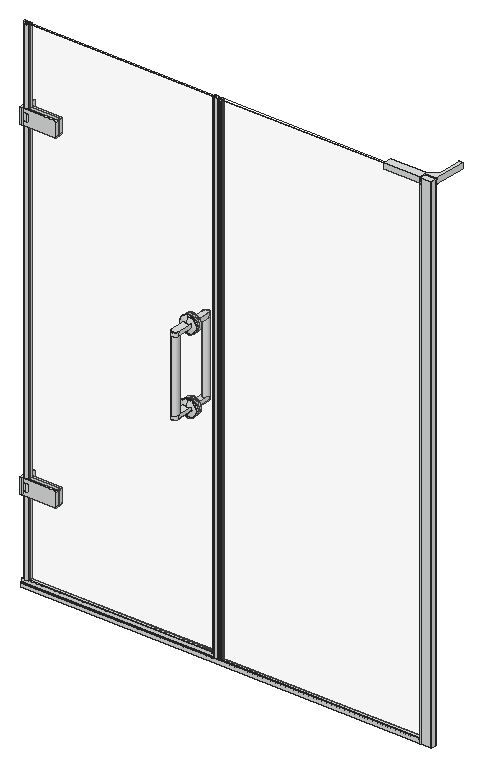
Revit family "Shower-Shower_Door-KOHLER-Components-K-27617_1", category Specialty Equipment, host Face, Revit 2017 (continued)
Definition of nested family "K-27617"
  Dimensions and locks (in)
    locked: plane 5 to cut or joined group 1 (Extrusion 2, Extrusion 5, Extrusion 7, Extrusion 9, Extrusion 10, Extrusion 11, Extrusion 12, Extrusion 13, Extrusion 18) at 0.49213
    locked: plane 5 to cut or joined group 1 at 0.44213
    locked: plane 5 to plane 19 at 0.98388
    locked: plane 5 to plane 20 at 0.94563
    locked: plane 5 to plane 21 at 0.44213
    locked: plane 5 to plane 22 at 0.49213
    locked: plane 5 to curve 162 at 1.24017
    locked: plane 5 to curve 173 at 1.24017
    locked: plane 5 to Extrusion 20 sketch curve at 5.15274
    plane 6 to plane 5 = 58"
    locked: plane 6 to plane 3 "Center (Left/Right)" at 23.05758
    "A": plane 5 to plane 6
    plane 23 "X" to plane 6 = 34 45/128"
    plane 4 to plane 26 = 7 13/16"
    plane 11 to level = 42 1/16"
    plane 27 to plane 6 = 30 13/16"
    plane 31 to plane 13 = 5 7/16"
    aligned and locked: plane 2 to level
    aligned and locked: cut or joined group of Extrusion 3, Extrusion 4, Extrusion 6, Extrusion 8, Extrusion 20 to plane 5  (x3)
    aligned and locked: plane 14 to cut or joined group of Extrusion 3, Extrusion 4, Extrusion 6, Extrusion 8, Extrusion 20  (x2)
    aligned and locked: plane 15 to cut or joined group of Extrusion 3, Extrusion 4, Extrusion 6, Extrusion 8, Extrusion 20
    aligned and locked: cut or joined group of Extrusion 3, Extrusion 4, Extrusion 6, Extrusion 8, Extrusion 20 to plane 14  (x2)
    aligned and locked: cut or joined group 1 to plane 14
    aligned and locked: Extrusion 17 to plane 15
    aligned and locked: Extrusion 17 to plane 14  (x2)
    aligned and locked: cut or joined group 1 to plane 5
    aligned and locked: Extrusion 19 to plane 14
    aligned and locked: plane 20 to cut or joined group 1
    aligned and locked: cut or joined group 1 to plane 19  (x2)
    aligned and locked: cut or joined group 1 to plane 20
    aligned and locked: Extrusion 1 to Extrusion 14
  Automatic sketch dimensions
    curve 122 to plane 13 = 0"
    curve 91 to plane 13 = 0"
    curve 84 to plane 13 = 0"
    curve 131 to level = 0"
    curve 131 to plane 7 = 0"
    curve 132 to level = 0"
    curve 132 to plane 7 = 0"
    curve 89 to plane 10 = 0"
    curve 133 to plane 10 = 0"
    curve 114 to plane 7 = 0"
    curve 96 to plane 7 = 0"
    plane 11 to curve 140 = 0"
    curve 90 to plane 7 = 0"
    curve 89 to plane 7 = 0"
    plane 25 to curve 128 = 0.0336"
    plane 1 "Center (Front/Back)" to curve 128 = 0.16426"
    plane 1 "Center (Front/Back)" to curve 125 = 0.16426"
    plane 1 "Center (Front/Back)" to curve 118 = 0.13285"
    curve 117 to plane 1 "Center (Front/Back)" = 0.09125"
    curve 130 to plane 25 = 0.0914"
    curve 130 to plane 1 "Center (Front/Back)" = 0.19263"
    curve 123 to plane 1 "Center (Front/Back)" = 0.19263"
    plane 12 to curve 107 = 0.30166"
    curve 107 to plane 12 = 0.03746"
    curve 100 to plane 7 = 0.30808"
    curve 100 to plane 4 = 0.89033"
    curve 102 to curve 103 = 0.31756"
    plane 8 to curve 124 = 6.04461"
    curve 124 to curve 126 = 1/8"
    curve 116 to plane 7 = 5.11858"
    curve 116 to curve 117 = 0.13821"
    curve 101 to curve 100 = 1/4"
    curve 107 to plane 7 = 0.54191"
    curve 107 to curve 108 = 1/8"
    curve 92 to plane 13 = 0.06491"
    curve 85 to curve 84 = 0.06491"
    plane 9 to curve 131 = 0.01297"
    plane 10 to curve 132 = 0.03956"
    curve 134 to curve 114 = 0.05284"
    curve 114 to curve 96 = 0.04359"
    curve 93 to curve 95 = 0.14683"
    curve 86 to curve 88 = 0.14683"
    curve 121 to plane 10 = 0.21466"
    curve 141 to plane 10 = 0.21466"
    curve 88 to curve 139 = 0.06783"
    curve 96 to curve 119 = 0.11823"
    curve 95 to curve 120 = 0.06783"
    curve 140 to plane 11 = 0.11817"
    curve 140 to plane 10 = 0.25441"
    curve 119 to curve 134 = 0.03975"
    curve 121 to curve 87 = 0.03975"
    curve 120 to curve 94 = 0.03977"
    curve 119 to curve 93 = 0.57224"
    curve 139 to curve 86 = 0.57224"
    curve 112 to plane 7 = 0.1201"
    curve 112 to curve 109 = 0.32269"
    curve 104 to plane 12 = 0.37565"
    curve 111 to plane 7 = 0.10663"
    curve 111 to curve 100 = 0.21983"
    curve 97 to plane 7 = 0.03436"
    curve 97 to plane 4 = 1/4"
    plane 8 to curve 133 = 0.12922"
    curve 133 to curve 89 = 0.24243"
    curve 89 to curve 121 = 0.00094"
    curve 89 to curve 133 = 0.0584"
    curve 123 to curve 87 = 4.85973"
    curve 87 to curve 84 = 0.00344"
    curve 85 to curve 84 = 0"  (x2)
    curve 85 to curve 85 = 2.16501"
    curve 84 to curve 86 = 0.00035"
    curve 122 to plane 28 = 2.3228"
    curve 139 to plane 28 = 0.29996"
    plane 28 to curve 141 = 0.26341"
    plane 28 to curve 122 = 1.6772"
    curve 141 to plane 24 = 0.26341"
    plane 11 to curve 120 = 0.2152"
    curve 91 to curve 116 = 7.94017"
    curve 91 to curve 94 = 0"
    curve 91 to curve 92 = 0.00344"
    curve 92 to curve 92 = 2.16535"
    curve 92 to curve 93 = 0"
    curve 92 to curve 91 = 0.01915"
    curve 96 to curve 112 = 0.63974"
    curve 90 to curve 103 = 0.20177"
    curve 104 to curve 107 = 0.19175"
    curve 99 to curve 110 = 0.04089"
    curve 96 to curve 113 = 0.06744"
    curve 199 to curve 200 = 0"  (x2)
    curve 201 to curve 202 = 0"  (x2)
    curve 167 to plane 5 = 0"
    curve 159 to plane 5 = 0"
    curve 67 to plane 5 = 0"
    curve 170 to plane 5 = 0"
    curve 68 to plane 5 = 0"
    curve 156 to plane 5 = 0"
    curve 161 to plane 14 = 0"
    curve 172 to plane 14 = 0"
    plane 21 to curve 178 = 0"
    plane 21 to curve 179 = 0"
    curve 180 to plane 8 = 0"
    plane 21 to curve 180 = 0"
    plane 19 to curve 135 = 0"
    plane 19 to curve 181 = 0"
    plane 19 to curve 182 = 0"
    plane 15 to curve 169 = 0"
    curve 157 to plane 15 = 0"
    curve 138 to plane 28 = 0"
    curve 203 to plane 24 = 0"
    curve 202 to plane 23 "X" = 0"
    curve 199 to plane 23 "X" = 0"
    curve 69 to plane 8 = 0"
    curve 79 to plane 7 = 0"
    curve 77 to plane 7 = 0"
    curve 75 to plane 7 = 0"
    curve 75 to level = 0"
    curve 82 to plane 7 = 0"
    plane 6 to curve 80 = 0"
    plane 6 to curve 81 = 0"
    curve 199 to plane 24 = 0"
    curve 175 to curve 173 = 0.02685"
    curve 165 to curve 162 = 0.02685"
    curve 163 to curve 166 = 0.01966"
    curve 177 to curve 173 = 0.01966"
    curve 170 to plane 15 = 0.19715"
    curve 159 to plane 15 = 0.19715"
    curve 158 to curve 157 = 0.19541"
    curve 167 to plane 15 = 0.19541"
    curve 138 to plane 23 "X" = 0.47037"
    plane 23 "X" to curve 204 = 0.47037"
    curve 78 to plane 7 = 0.75984"
    plane 6 to curve 78 = 6.7126"
    plane 8 to curve 170 = 11.15399"
    curve 181 to curve 174 = 0.58071"
    curve 177 to curve 176 = 0.95743"
    curve 171 to curve 169 = 1.77279"
    curve 201 to plane 28 = 0.05118"
    curve 159 to plane 7 = 13.05532"
    curve 182 to curve 163 = 0.58071"
    curve 166 to curve 165 = 0.95743"
    curve 160 to curve 158 = 1.77279"
    curve 72 to plane 27 = 0.23477"
    curve 74 to plane 8 = 0.10539"
    plane 27 to curve 74 = 0.34576"
    curve 74 to curve 73 = 0.14354"
    curve 73 to curve 70 = 0.05067"
    curve 71 to plane 7 = 0.24157"
    curve 70 to curve 71 = 0.52371"
    plane 6 to curve 76 = 1.70508"
    curve 76 to curve 77 = 0.12396"
    curve 77 to curve 80 = 0.00631"
    level to curve 82 = 0.00051"
    curve 75 to curve 82 = 0.02444"
    plane 8 to curve 66 = 0.15896"
    curve 66 to curve 83 = 0.32901"
    curve 201 to curve 201 = 1.18257"
    curve 200 to curve 137 = 1.085"
    curve 135 to plane 7 = 0.36646"
    curve 136 to plane 7 = 0.36646"
    curve 70 to plane 7 = 0.24157"
    curve 178 to plane 7 = 0.24157"
    curve 135 to curve 183 = 0.12489"
    curve 73 to curve 70 = 0"
    curve 74 to curve 73 = 0"
    curve 135 to curve 72 = 0.12493"
    curve 81 to plane 7 = 0.05824"
    curve 81 to curve 80 = 0.01166"
    Extrusion 1 sketch curve to plane 27 = 0.06"
    Extrusion 1 sketch curve to plane 27 = 0.05835"
    plane 27 to Extrusion 1 sketch curve = 0"
    plane 1 "Center (Front/Back)" to Extrusion 1 sketch curve = 0.07666"
    plane 27 to Extrusion 1 sketch curve = 0.82677"
    Extrusion 1 sketch curve to Extrusion 1 sketch curve = 0.062"  (x3)
    plane 10 to Extrusion 1 sketch curve = 0.17916"
    plane 6 to Extrusion 1 sketch curve = 1.5748"
    plane 1 "Center (Front/Back)" to Extrusion 1 sketch curve = 0.12603"
    plane 1 "Center (Front/Back)" to Extrusion 1 sketch curve = 0.13866"
    Extrusion 1 sketch curve to Extrusion 1 sketch curve = 0.06"
    Extrusion 1 sketch curve to plane 1 "Center (Front/Back)" = 0.13447"
    Extrusion 1 sketch curve to Extrusion 1 sketch curve = 0.05835"
    Extrusion 2 sketch curve to plane 5 = 0"
    Extrusion 2 sketch curve to plane 17 = 0"  (x2)
    Extrusion 2 sketch curve to plane 16 = 0"  (x2)
    Extrusion 2 sketch curve to plane 21 = 0.02311"
    Extrusion 2 sketch curve to plane 22 = 1/32"  (x2)
    plane 9 to Extrusion 2 sketch curve = 0.07891"
    Extrusion 2 sketch curve to Extrusion 2 sketch curve = 0.04681"
    Extrusion 2 sketch curve to Extrusion 2 sketch curve = 0.04145"
    Extrusion 2 sketch curve to plane 1 "Center (Front/Back)" = 0.19282"
    Extrusion 2 sketch curve to plane 1 "Center (Front/Back)" = 0.19623"
    Extrusion 2 sketch curve to Extrusion 2 sketch curve = 0.02023"
    Extrusion 2 sketch curve to Extrusion 2 sketch curve = 0.03698"
    Extrusion 3 sketch curve to plane 13 = 0.10639"
    plane 12 to Extrusion 3 sketch curve = 0.64596"
    plane 12 to Extrusion 3 sketch curve = 0.64549"
    Extrusion 3 sketch curve to Extrusion 3 sketch curve = 25/128"
    Extrusion 3 sketch curve to plane 7 = 13.05532"
    Extrusion 3 sketch curve to Extrusion 3 sketch curve = 1.77519"
    Extrusion 4 sketch curve to plane 14 = 0"  (x2)
    Extrusion 4 sketch curve to plane 15 = 0"
    Extrusion 4 sketch curve to plane 19 = 0.23416"
    Extrusion 4 sketch curve to plane 19 = 0.23504"
    Extrusion 4 sketch curve to Extrusion 4 sketch curve = 0.02124"
    Extrusion 4 sketch curve to Extrusion 4 sketch curve = 25/128"  (x2)
    Extrusion 4 sketch curve to plane 7 = 13.06658"
    Extrusion 4 sketch curve to Extrusion 4 sketch curve = 0.58071"
    Extrusion 4 sketch curve to Extrusion 4 sketch curve = 0.96057"
    Extrusion 4 sketch curve to Extrusion 4 sketch curve = 1.77438"
    Extrusion 5 sketch curve to plane 14 = 0"
    Extrusion 5 sketch curve to plane 13 = 0.06491"
    Extrusion 5 sketch curve to plane 20 = 0.09988"
    Extrusion 6 sketch curve to plane 13 = 0.10639"
    plane 12 to Extrusion 6 sketch curve = 0.64596"
    plane 12 to Extrusion 6 sketch curve = 0.64549"
    Extrusion 6 sketch curve to Extrusion 6 sketch curve = 25/128"
    plane 8 to Extrusion 6 sketch curve = 11.15434"
    Extrusion 6 sketch curve to Extrusion 6 sketch curve = 1.77485"
    Extrusion 7 sketch curve to level = 0"  (x2)
    plane 9 to Extrusion 7 sketch curve = 0.03917"
    Extrusion 7 sketch curve to Extrusion 7 sketch curve = 0.01963"
    Extrusion 7 sketch curve to Extrusion 7 sketch curve = 0.04724"
    Extrusion 7 sketch curve to Extrusion 7 sketch curve = 0.02019"
    level to Extrusion 7 sketch curve = 0.05772"
    plane 10 to Extrusion 7 sketch curve = 0.16888"
    Extrusion 7 sketch curve to Extrusion 7 sketch curve = 0.02102"
    plane 10 to Extrusion 7 sketch curve = 0.12269"
    Extrusion 7 sketch curve to Extrusion 7 sketch curve = 0.02207"
    Extrusion 7 sketch curve to plane 8 = 0.12746"
    plane 9 to Extrusion 8 sketch curve = 0.03917"
    Extrusion 8 sketch curve to Extrusion 8 sketch curve = 0.02117"
    Extrusion 8 sketch curve to Extrusion 8 sketch curve = 0.02165"
    Extrusion 8 sketch curve to plane 8 = 0.0016"
    Extrusion 8 sketch curve to Extrusion 8 sketch curve = 0.00226"
    Extrusion 8 sketch curve to plane 8 = 0.00511"
    Extrusion 8 sketch curve to Extrusion 8 sketch curve = 0.03336"
    plane 9 to Extrusion 8 sketch curve = 0.12855"
    Extrusion 8 sketch curve to Extrusion 8 sketch curve = 0.02189"
    plane 10 to Extrusion 8 sketch curve = 0.19198"
    Extrusion 8 sketch curve to Extrusion 8 sketch curve = 0.01282"
    Extrusion 8 sketch curve to Extrusion 8 sketch curve = 0.02207"
    Extrusion 8 sketch curve to Extrusion 8 sketch curve = 0.01733"
    Extrusion 8 sketch curve to plane 10 = 0.26508"
    Extrusion 8 sketch curve to Extrusion 8 sketch curve = 0.00507"
    Extrusion 8 sketch curve to Extrusion 8 sketch curve = 0.00541"
    Extrusion 8 sketch curve to Extrusion 8 sketch curve = 0.06108"
    plane 8 to Extrusion 8 sketch curve = 0.15896"
    Extrusion 8 sketch curve to Extrusion 8 sketch curve = 0.01492"
    plane 8 to Extrusion 8 sketch curve = 0.31005"
    Extrusion 8 sketch curve to Extrusion 8 sketch curve = 0.03844"
    Extrusion 8 sketch curve to Extrusion 8 sketch curve = 0.11736"
    Extrusion 8 sketch curve to Extrusion 8 sketch curve = 0.00019"
    Extrusion 8 sketch curve to Extrusion 8 sketch curve = 0.0015"
    Extrusion 9 sketch curve to plane 13 = 0"
    plane 10 to Extrusion 9 sketch curve = 0"
    Extrusion 9 sketch curve to plane 6 = 0"
    plane 6 to Extrusion 9 sketch curve = 3/128"  (x2)
    plane 10 to Extrusion 9 sketch curve = 0.02444"
    Extrusion 9 sketch curve to Extrusion 9 sketch curve = 1.52693"
    Extrusion 9 sketch curve to Extrusion 9 sketch curve = 3/128"
    Extrusion 9 sketch curve to Extrusion 9 sketch curve = 0"
    Extrusion 9 sketch curve to Extrusion 9 sketch curve = 0.02027"
    plane 9 to Extrusion 9 sketch curve = 0.11448"
    Extrusion 9 sketch curve to Extrusion 9 sketch curve = 0.03079"
    plane 1 "Center (Front/Back)" to Extrusion 9 sketch curve = 0.13866"
    Extrusion 9 sketch curve to Extrusion 9 sketch curve = 0.07921"
    Extrusion 9 sketch curve to Extrusion 9 sketch curve = 0.00926"
    Extrusion 10 sketch curve to plane 13 = 0"
    plane 10 to Extrusion 10 sketch curve = 0"
    Extrusion 10 sketch curve to plane 6 = 0"
    plane 6 to Extrusion 10 sketch curve = 3/128"
    Extrusion 10 sketch curve to plane 9 = 0.02007"
    Extrusion 10 sketch curve to Extrusion 10 sketch curve = 1.52693"
    Extrusion 10 sketch curve to Extrusion 10 sketch curve = 0.001"
    Extrusion 10 sketch curve to Extrusion 10 sketch curve = 0.02444"
    Extrusion 11 sketch curve to plane 9 = 0"
    Extrusion 11 sketch curve to plane 4 = 0"
    Extrusion 11 sketch curve to plane 6 = 0"
    Extrusion 11 sketch curve to Extrusion 11 sketch curve = 0.07843"
    Extrusion 11 sketch curve to plane 4 = 0.02159"
    plane 6 to Extrusion 11 sketch curve = 0.45479"
    plane 9 to Extrusion 11 sketch curve = 0.02369"
    plane 6 to Extrusion 11 sketch curve = 1.58111"
    Extrusion 11 sketch curve to Extrusion 11 sketch curve = 0.39526"
    plane 9 to Extrusion 11 sketch curve = 0.02268"
    Extrusion 11 sketch curve to Extrusion 11 sketch curve = 4.71354"
    Extrusion 11 sketch curve to Extrusion 11 sketch curve = 0.02214"
    Extrusion 11 sketch curve to plane 10 = 0.09643"
    Extrusion 11 sketch curve to plane 10 = 0.41287"
    plane 1 "Center (Front/Back)" to Extrusion 12 sketch curve = 0.13866"
    Extrusion 12 sketch curve to Extrusion 12 sketch curve = 0.02395"  (x2)
    plane 10 to Extrusion 12 sketch curve = 13/64"
    plane 10 to Extrusion 12 sketch curve = 0.17916"
    Extrusion 12 sketch curve to plane 7 = 0.77361"
    Extrusion 12 sketch curve to plane 7 = 0.26553"  (x2)
    Extrusion 13 sketch curve to plane 27 = 0.23477"
    Extrusion 13 sketch curve to plane 27 = 0.23432"
    Extrusion 13 sketch curve to Extrusion 13 sketch curve = 0.05257"
    Extrusion 13 sketch curve to Extrusion 13 sketch curve = 0.05306"
    Extrusion 13 sketch curve to Extrusion 13 sketch curve = 0.007"
    Extrusion 13 sketch curve to Extrusion 13 sketch curve = 0.02419"
    Extrusion 13 sketch curve to Extrusion 13 sketch curve = 0.02214"
    Extrusion 13 sketch curve to Extrusion 13 sketch curve = 0.04726"
    Extrusion 13 sketch curve to plane 27 = 0.02447"
    Extrusion 13 sketch curve to plane 27 = 0.02354"
    Extrusion 13 sketch curve to plane 27 = 0.02278"
    plane 27 to Extrusion 13 sketch curve = 0"
    plane 27 to Extrusion 13 sketch curve = 0.03212"
    plane 27 to Extrusion 13 sketch curve = 0.0539"
    plane 27 to Extrusion 13 sketch curve = 0.07946"
    Extrusion 13 sketch curve to Extrusion 13 sketch curve = 0.1563"
    plane 27 to Extrusion 13 sketch curve = 0.18992"
    Extrusion 13 sketch curve to plane 1 "Center (Front/Back)" = 0.1381"
    Extrusion 13 sketch curve to Extrusion 13 sketch curve = 0.11986"
    Extrusion 13 sketch curve to Extrusion 13 sketch curve = 0.04324"  (x2)
    plane 27 to Extrusion 13 sketch curve = 0.41297"
    plane 1 "Center (Front/Back)" to Extrusion 13 sketch curve = 0.16325"
    Extrusion 13 sketch curve to Extrusion 13 sketch curve = 0.16989"
    plane 1 "Center (Front/Back)" to Extrusion 13 sketch curve = 0.11955"
    Extrusion 13 sketch curve to Extrusion 13 sketch curve = 0.0437"
    plane 27 to Extrusion 13 sketch curve = 0.53619"
    plane 9 to Extrusion 13 sketch curve = 0.15095"
    Extrusion 13 sketch curve to Extrusion 13 sketch curve = 0.12676"
    Extrusion 13 sketch curve to Extrusion 13 sketch curve = 0.10339"
    plane 27 to Extrusion 13 sketch curve = 0.75898"
    Extrusion 13 sketch curve to plane 13 = 0.61967"
    plane 27 to Extrusion 13 sketch curve = 0.80608"
    Extrusion 13 sketch curve to Extrusion 13 sketch curve = 0.07475"
    Extrusion 13 sketch curve to Extrusion 13 sketch curve = 0.0239"
    Extrusion 13 sketch curve to Extrusion 13 sketch curve = 0.04269"
    Extrusion 13 sketch curve to Extrusion 13 sketch curve = 0.01431"
    Extrusion 13 sketch curve to Extrusion 13 sketch curve = 0.12897"
    Extrusion 13 sketch curve to Extrusion 13 sketch curve = 0.02353"
    Extrusion 13 sketch curve to Extrusion 13 sketch curve = 0.16899"
    Extrusion 13 sketch curve to Extrusion 13 sketch curve = 0.05535"
    plane 26 to Extrusion 13 sketch curve = 0.99784"
    Extrusion 13 sketch curve to plane 26 = 1.40804"
    plane 9 to Extrusion 13 sketch curve = 0.16717"
    plane 1 "Center (Front/Back)" to Extrusion 13 sketch curve = 0.1737"
    Extrusion 13 sketch curve to Extrusion 13 sketch curve = 0.01403"
    Extrusion 13 sketch curve to Extrusion 13 sketch curve = 0.02123"
    Extrusion 13 sketch curve to Extrusion 13 sketch curve = 0.01061"
    Extrusion 13 sketch curve to Extrusion 13 sketch curve = 0.01515"
    Extrusion 13 sketch curve to Extrusion 13 sketch curve = 0.02444"
    Extrusion 13 sketch curve to Extrusion 13 sketch curve = 0.05968"
    Extrusion 13 sketch curve to plane 1 "Center (Front/Back)" = 0.07938"
    Extrusion 13 sketch curve to plane 1 "Center (Front/Back)" = 0.14164"
    Extrusion 13 sketch curve to Extrusion 13 sketch curve = 0.04136"
    Extrusion 13 sketch curve to Extrusion 13 sketch curve = 0.05275"
    Extrusion 13 sketch curve to Extrusion 13 sketch curve = 0.01147"
    Extrusion 13 sketch curve to plane 1 "Center (Front/Back)" = 0.19465"
    Extrusion 13 sketch curve to Extrusion 13 sketch curve = 0.0758"
    Extrusion 13 sketch curve to Extrusion 13 sketch curve = 0.04369"
    Extrusion 13 sketch curve to plane 10 = 0.34736"
    Extrusion 13 sketch curve to Extrusion 13 sketch curve = 0.64655"
    Extrusion 13 sketch curve to plane 4 = 1.30255"
    Extrusion 13 sketch curve to plane 4 = 0.60067"
    Extrusion 13 sketch curve to Extrusion 13 sketch curve = 0"  (x5)
    plane 22 to Extrusion 14 sketch curve = 0"
    Extrusion 14 sketch curve to plane 27 = 0"
    level to Extrusion 14 sketch curve = 0.32822"
    plane 8 to Extrusion 14 sketch curve = 0.48798"
    Masking region 1 sketch curve to Masking region 1 sketch curve = 0"  (x7)
    Masking region 1 sketch curve to plane 5 = 0"
    Masking region 1 sketch curve to plane 14 = 0"  (x2)
    Masking region 1 sketch curve to plane 15 = 0"
    Masking region 1 sketch curve to plane 26 = 0"  (x3)
    Masking region 1 sketch curve to plane 23 "X" = 0"  (x2)
    Masking region 1 sketch curve to plane 9 = 0"
    plane 10 to Masking region 1 sketch curve = 0"
    Masking region 1 sketch curve to plane 13 = 0"
    Masking region 1 sketch curve to plane 4 = 0.05648"
    Masking region 1 sketch curve to plane 6 = 0"  (x2)
    plane 9 to Masking region 1 sketch curve = 0.03917"  (x2)
    Masking region 1 sketch curve to plane 23 "X" = 1.18276"
    Masking region 1 sketch curve to plane 13 = 0.00492"  (x2)
    Masking region 1 sketch curve to Masking region 1 sketch curve = 0.02264"
    Masking region 1 sketch curve to plane 9 = 0.01971"  (x2)
    Masking region 1 sketch curve to plane 13 = 0.16494"  (x2)
    Masking region 1 sketch curve to plane 23 "X" = 0.49262"  (x2)
    plane 23 "X" to Masking region 1 sketch curve = 0.49262"  (x2)
    Masking region 1 sketch curve to Masking region 1 sketch curve = 0.66062"
    Masking region 1 sketch curve to Masking region 1 sketch curve = 0.00688"
    plane 27 to Masking region 1 sketch curve = 0"
    Masking region 1 sketch curve to plane 10 = 0.41287"
    plane 6 to Masking region 1 sketch curve = 6.7126"
    Masking region 1 sketch curve to Masking region 1 sketch curve = 0.02214"
    Masking region 1 sketch curve to Masking region 1 sketch curve = 0.03333"
    plane 6 to Masking region 1 sketch curve = 1.97638"
    Masking region 1 sketch curve to Masking region 1 sketch curve = 0.37157"
    Masking region 1 sketch curve to plane 10 = 0.09643"
    Masking region 1 sketch curve to Masking region 1 sketch curve = 0.39526"
    plane 9 to Masking region 1 sketch curve = 0.01297"
    Masking region 1 sketch curve to Masking region 1 sketch curve = 0.03001"
    Masking region 1 sketch curve to Masking region 1 sketch curve = 3/128"
    Masking region 1 sketch curve to Masking region 1 sketch curve = 0.03075"
    Masking region 1 sketch curve to plane 4 = 0.07807"
    plane 6 to Masking region 1 sketch curve = 0.47638"
    plane 6 to Masking region 1 sketch curve = 0.07843"
    Masking region 1 sketch curve to plane 9 = 0.02007"
    plane 6 to Masking region 1 sketch curve = 3/128"
    Masking region 1 sketch curve to plane 13 = 0.10639"
    Masking region 1 sketch curve to plane 13 = 0.06491"
    plane 10 to Masking region 1 sketch curve = 0.10062"
    Masking region 1 sketch curve to plane 10 = 0.28591"  (x2)
    plane 12 to Masking region 1 sketch curve = 0.45064"
    Masking region 1 sketch curve to plane 12 = 0.44668"
    Masking region 1 sketch curve to Masking region 1 sketch curve = 0.00049"  (x2)
    Masking region 2 sketch curve to level = 0"
    Masking region 2 sketch curve to plane 5 = 0"
    Masking region 2 sketch curve to plane 7 = 0"
    plane 6 to Masking region 2 sketch curve = 0"
    Masking region 2 sketch curve to plane 7 = 0.24157"
    plane 6 to Masking region 2 sketch curve = 6.7126"
    plane 6 to Masking region 2 sketch curve = 0.0237"
    Masking region 3 sketch curve to plane 13 = 0"  (x5)
    Masking region 3 sketch curve to plane 7 = 0"
    Masking region 3 sketch curve to level = 0"
    Masking region 3 sketch curve to plane 10 = 0"  (x2)
    Masking region 3 sketch curve to plane 4 = 0.05648"
    Masking region 3 sketch curve to Masking region 3 sketch curve = 0.06491"  (x3)
    Masking region 3 sketch curve to Masking region 3 sketch curve = 0.04148"  (x2)
    Masking region 3 sketch curve to plane 13 = 0.20706"
    Masking region 3 sketch curve to plane 13 = 0.21341"
    Masking region 3 sketch curve to plane 13 = 0.21929"
    Masking region 3 sketch curve to plane 13 = 0.22249"
    plane 26 to Masking region 3 sketch curve = 0.49213"
    Masking region 3 sketch curve to plane 26 = 0.46323"
    plane 11 to Masking region 3 sketch curve = 0.21198"
    Masking region 3 sketch curve to plane 26 = 0.46612"
    Masking region 3 sketch curve to Masking region 3 sketch curve = 0.02889"  (x2)
    Masking region 3 sketch curve to plane 10 = 0.25441"  (x5)
    Masking region 3 sketch curve to Masking region 3 sketch curve = 0.01066"
    Masking region 3 sketch curve to Masking region 3 sketch curve = 0.00507"
    Masking region 3 sketch curve to Masking region 3 sketch curve = 0.00541"
    plane 12 to Masking region 3 sketch curve = 0.64596"  (x2)
    plane 12 to Masking region 3 sketch curve = 0.64549"  (x2)
    Masking region 3 sketch curve to Masking region 3 sketch curve = 25/128"
    Masking region 3 sketch curve to Masking region 3 sketch curve = 0.19485"
    plane 12 to Masking region 3 sketch curve = 0.03312"
    Masking region 3 sketch curve to plane 28 = 0.27229"
    Masking region 3 sketch curve to plane 12 = 0.92223"
    plane 11 to Masking region 3 sketch curve = 0.23799"
    Masking region 3 sketch curve to plane 12 = 0.92512"
    plane 8 to Masking region 3 sketch curve = 0.15896"
    Masking region 3 sketch curve to Masking region 3 sketch curve = 0.01492"
    plane 8 to Masking region 3 sketch curve = 0.24911"
    Masking region 3 sketch curve to Masking region 3 sketch curve = 0.04025"
    Masking region 3 sketch curve to Masking region 3 sketch curve = 0.08229"
    Masking region 3 sketch curve to Masking region 3 sketch curve = 10.78269"
    Masking region 3 sketch curve to Masking region 3 sketch curve = 0"  (x3)
    Masking region 3 sketch curve to Masking region 3 sketch curve = 0.00344"  (x2)
    Masking region 3 sketch curve to Masking region 3 sketch curve = 1.77863"  (x2)
    Masking region 3 sketch curve to Masking region 3 sketch curve = 0.00035"
    Masking region 3 sketch curve to plane 28 = 1.23214"
    Masking region 3 sketch curve to plane 28 = 0.30118"
    plane 28 to Masking region 3 sketch curve = 0.26341"  (x2)
    Masking region 3 sketch curve to Masking region 3 sketch curve = 0.86637"
    plane 25 to Masking region 3 sketch curve = 1.04816"
    plane 25 to Masking region 3 sketch curve = 0.74538"
    Masking region 3 sketch curve to plane 24 = 1.18096"
    Masking region 3 sketch curve to plane 24 = 0.26341"  (x2)
    Masking region 3 sketch curve to plane 11 = 0.68096"
    Masking region 3 sketch curve to plane 7 = 13.05875"
    Masking region 3 sketch curve to Masking region 3 sketch curve = 0.75984"
    Extrusion 15 sketch curve to plane 5 = 0"
    Extrusion 15 sketch curve to plane 22 = 0"
    Extrusion 15 sketch curve to plane 19 = 0"  (x2)
    Extrusion 15 sketch curve to plane 27 = 0"
    Extrusion 15 sketch curve to plane 13 = 0"
    Extrusion 15 sketch curve to plane 6 = 0"
    plane 9 to Extrusion 15 sketch curve = 0.09645"
    Extrusion 15 sketch curve to plane 27 = 0.23477"  (x2)
    Extrusion 15 sketch curve to plane 27 = 0.06"  (x2)
    plane 1 "Center (Front/Back)" to Extrusion 15 sketch curve = 0.07666"
    plane 27 to Extrusion 15 sketch curve = 0.82677"
    Extrusion 15 sketch curve to Extrusion 15 sketch curve = 0.062"  (x2)
    Extrusion 15 sketch curve to Extrusion 15 sketch curve = 15/64"  (x2)
    Extrusion 15 sketch curve to Extrusion 15 sketch curve = 1.5748"
    plane 9 to Extrusion 15 sketch curve = 0.03666"
    plane 9 to Extrusion 15 sketch curve = 0.16717"
    Extrusion 15 sketch curve to Extrusion 15 sketch curve = 0.13051"
    Extrusion 15 sketch curve to Extrusion 15 sketch curve = 0.1181"
    Extrusion 15 sketch curve to Extrusion 15 sketch curve = 0.06"  (x2)
    Extrusion 15 sketch curve to plane 1 "Center (Front/Back)" = 0.13447"
    Extrusion 15 sketch curve to plane 1 "Center (Front/Back)" = 0.17534"
    Extrusion 15 sketch curve to plane 1 "Center (Front/Back)" = 0.19282"
    plane 10 to Extrusion 15 sketch curve = 0.17916"
    Extrusion 15 sketch curve to Extrusion 15 sketch curve = 0.03671"
    plane 10 to Extrusion 15 sketch curve = 0.10913"
    Extrusion 15 sketch curve to plane 10 = 0.04602"
    Extrusion 16 sketch curve to plane 9 = 0"
    Extrusion 16 sketch curve to plane 13 = 0"
    Extrusion 16 sketch curve to plane 4 = 0"
    Extrusion 16 sketch curve to plane 6 = 0"
    plane 6 to Extrusion 16 sketch curve = 0.47638"
    plane 6 to Extrusion 16 sketch curve = 1.5748"
    Extrusion 16 sketch curve to plane 10 = 0.43501"
    Extrusion 16 sketch curve to Extrusion 16 sketch curve = 5.1378"
    Extrusion 17 sketch curve to plane 14 = 0"  (x2)
    plane 15 to Extrusion 17 sketch curve = 0"
    Extrusion 17 sketch curve to Extrusion 17 sketch curve = 0.02212"
    Extrusion 17 sketch curve to Extrusion 17 sketch curve = 0.02124"
    Extrusion 17 sketch curve to Extrusion 17 sketch curve = 25/128"  (x2)
    plane 8 to Extrusion 17 sketch curve = 11.15434"
    Extrusion 17 sketch curve to Extrusion 17 sketch curve = 0.58071"
    Extrusion 17 sketch curve to Extrusion 17 sketch curve = 0.96057"
    Extrusion 17 sketch curve to Extrusion 17 sketch curve = 1.77438"
    Extrusion 18 sketch curve to plane 5 = 0"  (x2)
    plane 8 to Extrusion 18 sketch curve = 11.15434"
    Extrusion 18 sketch curve to Extrusion 18 sketch curve = 2.16501"  (x2)
    Extrusion 18 sketch curve to plane 7 = 13.05532"
    Extrusion 19 sketch curve to plane 14 = 0"
    Extrusion 19 sketch curve to plane 13 = 0.06491"
    Extrusion 19 sketch curve to plane 20 = 0.15085"
    Extrusion 20 sketch curve to plane 22 = 0"
    plane 9 to Extrusion 20 sketch curve = 0.16717"
    Extrusion 20 sketch curve to plane 1 "Center (Front/Back)" = 0.19282"
    Extrusion 21 sketch curve to plane 5 = 0"  (x2)
    plane 15 to Extrusion 21 sketch curve = 0"
    Extrusion 21 sketch curve to plane 15 = 0"
    plane 8 to Extrusion 21 sketch curve = 11.15434"
    Extrusion 21 sketch curve to Extrusion 21 sketch curve = 2.16501"
    Extrusion 21 sketch curve to plane 7 = 13.05532"
    Extrusion 21 sketch curve to Extrusion 21 sketch curve = 2.16535"
    Extrusion 22 sketch curve to level = 0"
    Extrusion 22 sketch curve to plane 5 = 0"
    plane 6 to Extrusion 22 sketch curve = 0"
    plane 8 to Extrusion 22 sketch curve = 0.29465"
    Revolve 23 sketch curve to plane 24 = 0"  (x2)
    Revolve 23 sketch curve to plane 13 = 0.24141"
    Revolve 23 sketch curve to Revolve 23 sketch curve = 0.01834"
    Revolve 23 sketch curve to plane 13 = 0.00454"
    Revolve 23 sketch curve to plane 9 = 0.02131"
    plane 9 to Revolve 23 sketch curve = 0.16717"
    Revolve 23 sketch curve to plane 1 "Center (Front/Back)" = 0.02641"
    Revolve 23 sketch curve to Revolve 23 sketch curve = 0.09575"
    Revolve 23 sketch curve to plane 11 = 0.65509"
    Revolve 23 sketch curve to Revolve 23 sketch curve = 0.00641"
    Revolve 23 sketch curve to Revolve 23 sketch curve = 0.04184"
    Revolve 23 sketch curve to Revolve 23 sketch curve = 0.08482"
    plane 13 to Revolve 24 sketch curve = 0.24141"
    Revolve 24 sketch curve to Revolve 24 sketch curve = 0.01834"
    plane 13 to Revolve 24 sketch curve = 0.00454"
    plane 9 to Revolve 24 sketch curve = 0.02131"
    plane 28 to Revolve 24 sketch curve = 0.05118"
    Revolve 24 sketch curve to plane 9 = 0.16717"
    plane 1 "Center (Front/Back)" to Revolve 24 sketch curve = 0.02641"
    Revolve 24 sketch curve to Revolve 24 sketch curve = 0.09575"
    Revolve 24 sketch curve to Revolve 24 sketch curve = 0.90428"
    Revolve 24 sketch curve to Revolve 24 sketch curve = 0.00641"
    Revolve 24 sketch curve to Revolve 24 sketch curve = 0.04184"
    Revolve 24 sketch curve to Revolve 24 sketch curve = 0.08482"
    Revolve 24 sketch curve to Revolve 24 sketch curve = 0"
    Revolve 25 sketch curve to plane 10 = 0.22943"
    Revolve 25 sketch curve to Revolve 25 sketch curve = 0.01834"
    plane 10 to Revolve 25 sketch curve = 0.00744"
    Revolve 25 sketch curve to Revolve 25 sketch curve = 0.02673"
    Revolve 25 sketch curve to plane 28 = 0.05118"
    Revolve 25 sketch curve to plane 1 "Center (Front/Back)" = 0.19385"
    plane 1 "Center (Front/Back)" to Revolve 25 sketch curve = 0.0186"
    Revolve 25 sketch curve to Revolve 25 sketch curve = 0.09575"
    Revolve 25 sketch curve to Revolve 25 sketch curve = 0.90428"
    Revolve 25 sketch curve to Revolve 25 sketch curve = 0.00641"
    Revolve 25 sketch curve to Revolve 25 sketch curve = 0.04184"
    Revolve 25 sketch curve to Revolve 25 sketch curve = 0.08482"
    Revolve 25 sketch curve to Revolve 25 sketch curve = 0"
    Revolve 26 sketch curve to plane 24 = 0"  (x2)
    plane 10 to Revolve 26 sketch curve = 0.22943"
    Revolve 26 sketch curve to Revolve 26 sketch curve = 0.01834"
    Revolve 26 sketch curve to plane 10 = 0.00744"
    Revolve 26 sketch curve to Revolve 26 sketch curve = 0.02673"
    plane 1 "Center (Front/Back)" to Revolve 26 sketch curve = 0.19385"
    Revolve 26 sketch curve to plane 1 "Center (Front/Back)" = 0.0186"
    Revolve 26 sketch curve to plane 24 = 0.09575"
    plane 11 to Revolve 26 sketch curve = 0.65509"
    Revolve 26 sketch curve to Revolve 26 sketch curve = 0.00641"
    Revolve 26 sketch curve to Revolve 26 sketch curve = 0.04184"
    Revolve 26 sketch curve to Revolve 26 sketch curve = 0.08482"
    Sweep 27 sketch curve to plane 26 = 0"
    Sweep 27 sketch curve to plane 23 "X" = 0"
    plane 9 to Sweep 27 sketch curve = 0.00761"
    Sweep 27 sketch curve to plane 23 "X" = 0.49213"
    Sweep 27 sketch curve to profile plane = 0"
    Sweep 27 sketch curve to profile plane = 0.02436"
    Sweep 27 sketch curve to Sweep 27 sketch curve = 0.03136"
    level to Sweep 27 sketch curve = 41.29909"
    Sweep 27 sketch curve to Sweep 27 sketch curve = 0.52682"
    Sweep 28 sketch curve to plane 26 = 0"
    Sweep 28 sketch curve to plane 23 "X" = 0"
    plane 9 to Sweep 28 sketch curve = 0.00761"
    Sweep 28 sketch curve to plane 23 "X" = 0.49213"
    Sweep 28 sketch curve to profile plane = 0"
    Sweep 28 sketch curve to profile plane = 0.02436"
    Sweep 28 sketch curve to Sweep 28 sketch curve = 0.03136"
    Sweep 28 sketch curve to profile plane = 41.79909"
    Sweep 28 sketch curve to Sweep 28 sketch curve = 0.52682"
    Sweep 29 sketch curve to plane 23 "X" = 0"
    Sweep 29 sketch curve to plane 10 = 0.07091"
    plane 23 "X" to Sweep 29 sketch curve = 0.49213"
    plane 12 to Sweep 29 sketch curve = 0.459"
    Sweep 29 sketch curve to profile plane = 0"
    profile plane to Sweep 29 sketch curve = 0.02436"
    profile plane to Sweep 29 sketch curve = 0.05573"
    level to Sweep 29 sketch curve = 41.29909"
    Sweep 29 sketch curve to Sweep 29 sketch curve = 0.52682"
    Sweep 30 sketch curve to plane 23 "X" = 0"
    Sweep 30 sketch curve to plane 12 = 0.459"
    plane 10 to Sweep 30 sketch curve = 0.07091"
    Sweep 30 sketch curve to plane 23 "X" = 0.49213"
    Sweep 30 sketch curve to profile plane = 0"
    Sweep 30 sketch curve to Sweep 30 sketch curve = 0.02436"
    Sweep 30 sketch curve to Sweep 30 sketch curve = 0.05573"
    Sweep 30 sketch curve to profile plane = 41.78691"
    Sweep 30 sketch curve to Sweep 30 sketch curve = 0.52682"
    Extrusion 31 sketch curve to plane 26 = 0"
    Extrusion 31 sketch curve to plane 23 "X" = 0"
    Extrusion 31 sketch curve to plane 23 "X" = 0.4364"
    Extrusion 31 sketch curve to plane 13 = 0.00461"
    Extrusion 32 sketch curve to plane 23 "X" = 0"
    plane 23 "X" to Extrusion 32 sketch curve = 0.4364"
    plane 12 to Extrusion 32 sketch curve = 0.459"
    Extrusion 32 sketch curve to plane 10 = 0.01518"
    Extrusion 33 sketch curve to plane 26 = 0"
    Extrusion 33 sketch curve to plane 23 "X" = 0"
    Extrusion 33 sketch curve to plane 13 = 0.00461"
    Extrusion 33 sketch curve to plane 23 "X" = 0.4364"
    Extrusion 34 sketch curve to plane 23 "X" = 0"
    Extrusion 34 sketch curve to plane 10 = 0.01518"
    plane 23 "X" to Extrusion 34 sketch curve = 0.4364"
    plane 12 to Extrusion 34 sketch curve = 0.459"
    Revolve 35 sketch curve to plane 26 = 0"  (x2)
    Revolve 35 sketch curve to Revolve 35 sketch curve = 0.49213"
    plane 28 to Revolve 35 sketch curve = 0.26341"
    Revolve 35 sketch curve to plane 24 = 0.26341"
    Revolve 35 sketch curve to plane 28 = 2.05118"
    Revolve 35 sketch curve to Revolve 35 sketch curve = 1 1/2"
    Revolve 36 sketch curve to plane 28 = 0.27559"
    plane 12 to Revolve 36 sketch curve = 0.95113"
    plane 12 to Revolve 36 sketch curve = 0.459"  (x2)
    plane 24 to Revolve 36 sketch curve = 0.26341"
    plane 28 to Revolve 36 sketch curve = 2.05118"
    Revolve 36 sketch curve to Revolve 36 sketch curve = 1 1/2"
    curve 206 to plane 13 = 0"
    curve 217 to plane 10 = 0"
    curve 218 to plane 10 = 0"
    curve 212 to plane 10 = 0"
    curve 210 to plane 10 = 0"
    plane 26 to curve 225 = 0.16638"
    plane 26 to curve 226 = 0.16638"
    curve 213 to plane 10 = 0.20216"
    curve 212 to plane 10 = 0.20837"
    curve 219 to plane 10 = 0.21466"
    curve 223 to plane 12 = 0.29262"
    curve 221 to plane 12 = 0.29262"
    curve 216 to plane 28 = 0.30118"
    plane 28 to curve 222 = 0.26341"
    plane 28 to curve 219 = 0.26341"
    plane 28 to curve 226 = 0.26341"
    curve 227 to curve 227 = 0.29553"
    curve 223 to curve 223 = 0.29553"
    curve 207 to plane 24 = 1.18096"
    curve 221 to plane 24 = 0.55894"
    curve 225 to plane 24 = 0.55894"
    curve 220 to plane 24 = 0.26341"
    curve 213 to plane 24 = 0.26341"
    curve 224 to plane 24 = 0.26341"
    plane 11 to curve 210 = 0.21198"
    curve 206 to plane 11 = 0.68096"
    curve 214 to plane 13 = 0.20706"
    curve 205 to plane 13 = 0.21929"
    curve 214 to plane 13 = 0.22249"
    curve 225 to curve 224 = 0.32575"
    curve 227 to curve 226 = 0.32575"
    curve 225 to plane 26 = 0.04275"
    curve 227 to plane 26 = 0.04275"
    plane 9 to curve 206 = 0.01297"
    plane 9 to curve 207 = 0.01297"
    curve 218 to curve 215 = 0"
    curve 215 to curve 215 = 0.03975"
    curve 211 to curve 211 = 0.04605"
    curve 209 to curve 209 = 0.05225"
    curve 216 to curve 216 = 0.03975"
    plane 12 to curve 220 = 0.03312"
    plane 12 to curve 222 = 0.03312"
    curve 220 to curve 221 = 0.20913"
    curve 223 to curve 223 = 0.20913"
    curve 214 to plane 28 = 0.30118"
    curve 217 to curve 216 = 0.88134"
    plane 28 to curve 214 = 0.26341"
    curve 215 to curve 218 = 0.03777"
    curve 218 to curve 218 = 0.88134"
    curve 207 to curve 212 = 0.05281"
    curve 205 to plane 24 = 0.26341"
    plane 11 to curve 205 = 0.21687"
    curve 210 to plane 11 = 0.62873"
    Sweep 37 sketch curve to plane 26 = 0.49213"
    plane 11 to Sweep 37 sketch curve = 0.21198"
    plane 26 to Sweep 37 sketch curve = 1.04251"
    Sweep 37 sketch curve to plane 28 = 0.30118"
    plane 26 to Sweep 37 sketch curve = 1.04303"
    plane 9 to Sweep 37 sketch curve = 0.03666"  (x2)
    Sweep 37 sketch curve to plane 23 "X" = 0"
    Sweep 37 sketch curve to profile plane = 0.49213"
    plane 12 to Sweep 38 sketch curve = 0.95113"
    Sweep 38 sketch curve to plane 11 = 0.21198"
    Sweep 38 sketch curve to plane 12 = 0.58351"
    plane 28 to Sweep 38 sketch curve = 0.30118"
    Sweep 38 sketch curve to plane 12 = 0.58403"
    Sweep 38 sketch curve to plane 10 = 0.09996"  (x2)
    Sweep 38 sketch curve to plane 23 "X" = 0"
    profile plane to Sweep 38 sketch curve = 0.49213"
    Extrusion 39 sketch curve to plane 23 "X" = 0"  (x2)
    Extrusion 39 sketch curve to plane 28 = 0"
    Extrusion 39 sketch curve to plane 24 = 0"
    Extrusion 40 sketch curve to plane 23 "X" = 0"  (x2)
    Extrusion 40 sketch curve to plane 24 = 0"
    Extrusion 40 sketch curve to plane 28 = 0"
    curve 142 to plane 5 = 0"
    curve 143 to plane 5 = 0"
    curve 3 to plane 14 = 0"
    curve 144 to plane 21 = 0"
    curve 148 to plane 22 = 0"
    curve 151 to plane 20 = 0"
    curve 150 to plane 20 = 0"
    curve 142 to plane 19 = 0"
    curve 154 to plane 19 = 0"
    curve 4 to plane 15 = 0"
    curve 8 to plane 15 = 0"
    curve 34 to plane 27 = 0"
    curve 63 to plane 9 = 0"
    plane 10 to curve 64 = 0"
    curve 61 to plane 13 = 0"
    plane 10 to curve 59 = 0"
    curve 56 to plane 31 = 0"
    curve 62 to plane 6 = 0"
    curve 154 to plane 21 = 0.02311"
    curve 146 to curve 146 = 1/32"
    curve 149 to plane 22 = 1/32"
    plane 10 to curve 188 = 0.03983"
    curve 188 to plane 23 "X" = 1.18276"
    plane 10 to curve 197 = 0.00618"
    curve 191 to curve 197 = 0.02652"
    curve 190 to plane 10 = 0.15321"
    curve 190 to plane 23 "X" = 0.49262"
    plane 23 "X" to curve 194 = 0.49262"
    plane 10 to curve 195 = 0.03983"
    curve 193 to curve 195 = 0.65554"
    curve 195 to curve 197 = 0.00808"
    curve 198 to plane 27 = 0.23506"
    curve 25 to plane 27 = 0.18174"
    curve 6 to curve 11 = 0.05335"
    curve 10 to curve 10 = 0.007"
    curve 10 to curve 17 = 0.0694"
    curve 2 to plane 27 = 0.06"
    curve 16 to plane 27 = 0.05835"
    curve 14 to plane 27 = 0.02447"
    curve 18 to plane 27 = 0.02354"
    curve 19 to plane 27 = 0.02278"
    plane 27 to curve 11 = 0.03212"
    plane 27 to curve 12 = 0.0539"
    plane 27 to curve 13 = 0.07946"
    curve 12 to curve 26 = 0.07743"
    curve 26 to curve 26 = 0.04721"
    curve 26 to curve 21 = 0.00988"
    plane 27 to curve 23 = 0.18992"
    curve 26 to curve 36 = 0.12974"
    curve 36 to curve 37 = 0.04324"
    curve 37 to curve 30 = 0.01268"
    curve 30 to plane 1 "Center (Front/Back)" = 0.17617"
    curve 37 to curve 30 = 0.05989"
    plane 1 "Center (Front/Back)" to curve 28 = 0.15193"
    curve 30 to curve 28 = 0.04801"
    plane 27 to curve 24 = 0.41297"
    curve 27 to curve 22 = 0.01875"
    plane 1 "Center (Front/Back)" to curve 21 = 0.11955"
    curve 22 to curve 21 = 0.0437"  (x2)
    plane 27 to curve 41 = 0.53619"
    plane 1 "Center (Front/Back)" to curve 32 = 0.15193"
    curve 21 to curve 32 = 0.12321"
    plane 9 to curve 36 = 0.15095"
    curve 32 to curve 36 = 0.00355"
    curve 31 to curve 40 = 0.05973"
    plane 27 to curve 38 = 0.75898"
    curve 39 to plane 13 = 0.61967"
    plane 27 to curve 39 = 0.80608"
    curve 40 to curve 54 = 0.07475"
    curve 46 to curve 45 = 0.0239"
    curve 46 to curve 48 = 0.04269"
    curve 48 to curve 44 = 0.01431"
    curve 45 to curve 51 = 0.0381"
    curve 50 to curve 43 = 0.09087"
    curve 44 to curve 42 = 0.02353"
    curve 44 to curve 48 = 0.16899"
    curve 55 to plane 10 = 0.41287"
    plane 6 to curve 55 = 1.95479"
    curve 63 to plane 10 = 0.17486"
    curve 57 to curve 63 = 0.35185"
    curve 60 to plane 9 = 0.02007"
    curve 63 to curve 60 = 0.02813"
    curve 59 to curve 59 = 0.02444"
    curve 56 to plane 12 = 0.07314"
    plane 26 to curve 13 = 0.99784"
    plane 30 to curve 38 = 0.91592"
    plane 9 to curve 153 = 0.07891"
    curve 153 to curve 151 = 0.04681"
    plane 9 to curve 20 = 0.16717"
    plane 1 "Center (Front/Back)" to curve 43 = 0.1737"
    curve 2 to curve 15 = 0.01403"
    curve 19 to curve 25 = 0.02123"
    curve 44 to curve 42 = 0.01061"
    curve 43 to curve 45 = 0.01515"
    curve 45 to curve 50 = 0.01989"
    curve 15 to curve 35 = 0.04597"
    curve 22 to curve 28 = 0.05854"
    curve 31 to curve 40 = 0.00584"
    plane 1 "Center (Front/Back)" to curve 50 = 0.07666"
    curve 12 to plane 1 "Center (Front/Back)" = 0.07938"
    curve 12 to curve 16 = 0.05509"
    curve 30 to curve 36 = 0.00914"
    curve 16 to curve 17 = 0.00717"
    curve 53 to plane 1 "Center (Front/Back)" = 0.17534"
    curve 30 to curve 37 = 0.05239"
    curve 17 to curve 10 = 0.04136"
    curve 17 to curve 1 = 0.05118"
    curve 1 to curve 15 = 0.00157"
    curve 49 to curve 47 = 0.01931"
    curve 1 to curve 148 = 0.00341"
    curve 26 to curve 21 = 0.03774"
    curve 147 to curve 143 = 0.02023"
    curve 5 to curve 4 = 0.06185"
    curve 149 to curve 155 = 0.03698"
    curve 49 to curve 44 = 0.04369"
    curve 3 to plane 10 = 0.14683"
    curve 19 to plane 10 = 0.34736"
    curve 19 to curve 23 = 0.64655"
    curve 41 to plane 29 = 0.58736"
    curve 24 to plane 31 = 0.54419"
    plane 9 to curve 186 = 0.03917"
    curve 186 to curve 188 = 0"
    curve 187 to plane 13 = 0.00492"
    curve 186 to curve 187 = 0.02264"
    curve 185 to plane 13 = 0.16494"
    curve 185 to plane 23 "X" = 0.49262"
    plane 23 "X" to curve 185 = 0.49262"
    curve 187 to curve 192 = 0.02264"
    curve 187 to curve 186 = 0.02264"
    plane 9 to curve 9 = 0.03917"
    curve 9 to curve 25 = 0.05302"
    curve 9 to curve 25 = 0.00045"
    curve 24 to curve 25 = 0"
    curve 25 to curve 19 = 0.02419"
    curve 10 to curve 17 = 0.02036"
    curve 13 to curve 17 = 0"
    curve 23 to curve 24 = 0"
    curve 38 to curve 37 = 0"
    curve 41 to curve 40 = 0"
    curve 47 to curve 49 = 0.01931"
    curve 42 to curve 41 = 0"
    curve 53 to curve 57 = 4 97/128"
    curve 55 to curve 65 = 0"
    plane 9 to curve 64 = 0.0075"
    curve 63 to curve 64 = 0.02182"
    plane 6 to curve 58 = 3/128"
    curve 184 to plane 13 = 0.10639"
    curve 7 to plane 13 = 0.06491"
    plane 9 to curve 65 = 0.02268"
    curve 8 to curve 7 = 0.07073"
    curve 52 to curve 65 = 0.07854"
    curve 3 to curve 184 = 0.13908"
    curve 189 to curve 190 = 0.1327"
    curve 193 to curve 194 = 0.1327"
    curve 198 to curve 19 = 0.06145"
    radius of Sweep 37 sketch curve = 0.49213"
    radius of Sweep 38 sketch curve = 0.49213"
    radius of Extrusion 39 sketch curve = 1.18257"
    radius of Extrusion 39 sketch curve = 1.23375"
    radius of Extrusion 40 sketch curve = 1.18257"
    radius of Extrusion 40 sketch curve = 1.23375"
Types (4): name | Type | Model | Finish
  (no name) | 1 | "K-27617-10L-SHP" | Kohler-Metal-SHP-Bright_Polished_Silver
  SHP-Bright Polished Silver | 1 | "K-27617-10L-SHP" | Kohler-Metal-SHP-Bright_Polished_Silver
  BL-Matte Black | 2 | "K-27617-10L-BL" | Kohler-Metal-BL-Matte_Black
  BNK-Anodized Brushed Nickel | 3 | "K-27617-10L-BNK" | Kohler-Metal-BNK-Anodized_Brushed_Nickel
